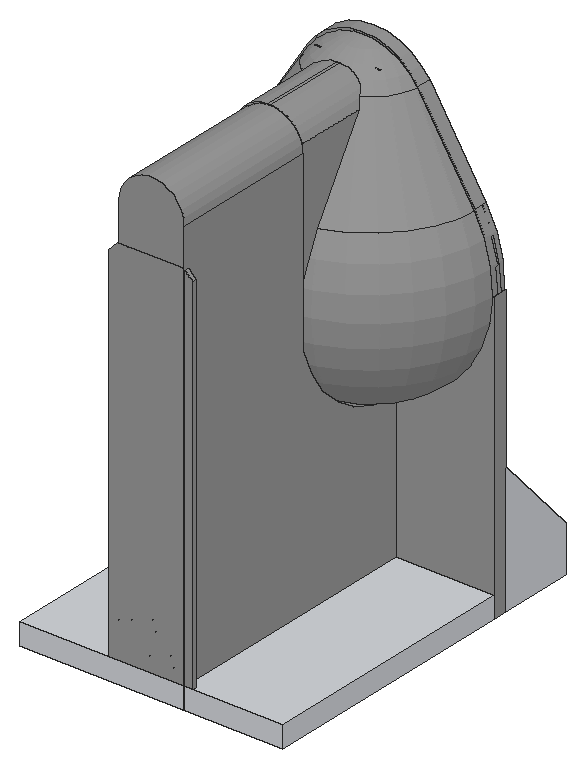
Revit family "Toilet-Willoughby-ASETW-1490-FM-FA-BS", category Plumbing Fixtures, Revit 2015
Parameters (values of type "Standard")
  Waste DIA = 2 3/8"
  Waste Connection = yes
  W-RAD [instance] = Waste DIA / 2  # 0' - 1 3/16"
  Vent Connection = no
  URL = "https://www.willoughby-ind.com"
  Type Comments = ""
  Revision = "A"
  Model = "ASETW-1490-FM-BS"
  Manufacturer = "Willoughby Industries"
  HW Connection = no
  Flush inlet DIA = 1 1/2"
  Flush Inlet Connection = yes
  Fixture Body = Stainless Steel AISI 304-Willoughby
  F-RAD [instance] = Flush inlet DIA / 2  # 0' - 0 3/4"
  Description = "Ligature resistant, Wall Outlet, Floor Mounted, Blowout Toilet, Back Spud"
  Default Elevation = 0' - 0"
  Contact Number = "(800) 428-4065"
  CW Connection = no
Reference planes (in)
  plane 1 "Base": y = -16.25
  plane 2: z = 0
  plane 3 "Center": x = 18.31072
  plane 4 "Waste height": y = -4.75
  plane 5: y = -1.25
  plane 6: z = -6.75
  plane 7: y = -2.125
  plane 8: y = -14.0625
  plane 9: y = 0.5
  plane 10: x = 16.56072
  plane 11: x = 20.06072
  plane 12: x = 11.56072
  plane 13: x = 25.06072
  plane 14: z = -3
  plane 15: z = 25
Forms (in)
  Extrusion 1, solid, material "Stainless Steel AISI 304-Willoughby" <- "Fixture Body"
    sketch origin (16.08109, 7.47968, -7.1422) x (-1, 0, 0) y (0, 0, -1)
      loop
        line (4.79427, -22.6422) -> (4.83287, -22.6422) -> (4.83287, -7.1422) -> (-9.29213, -7.1422) -> (-9.29213, -22.6422) -> (-9.19876, -22.6422)
        arc (-9.19876, -22.6422) -> (-8.97822, -24.61978) -> (-8.21015, -26.45542) r 7
        line (-8.21015, -26.45542) -> (-5.16818, -31.31054)
        arc (-5.16818, -31.31054) -> (-2.20225, -32.95225) -> (0.76368, -31.31054) r 3.5
        line (0.76368, -31.31054) -> (3.80565, -26.45542)
        arc (3.80565, -26.45542) -> (4.57373, -24.61978) -> (4.79427, -22.6422) r 7
      loop
        arc (2.03989, -24.70557) -> (-2.20225, -18.23804) -> (-6.44438, -24.70557) r 4.625
        line (-6.44438, -24.70557) -> (-4.04125, -30.23842)
        arc (-4.04125, -30.23842) -> (-2.20225, -31.45225) -> (-0.36324, -30.23842) r 2
        line (-0.36324, -30.23842) -> (2.03989, -24.70557)
    from 8.72968 to 9.5
  Revolve 2, solid, material "Stainless Steel AISI 304-Willoughby" <- "Fixture Body"
    sketch origin (19.37246, -1.52032, -3.93826) x (-1, 0, 0) y (0, 0, -1)
      loop
        line (1.06174, -12.59906) -> (1.06174, -12.84906)
        arc (1.06174, -12.84906) -> (6.96784, -16.33096) -> (6.78077, -23.18447) r 6.75
        line (6.78077, -23.18447) -> (3.81535, -27.91457)
        arc (3.81535, -27.91457) -> (2.63527, -29.03194) -> (1.06174, -29.43826) r 3.25
        line (1.06174, -29.43826) -> (1.06174, -29.68826)
        arc (1.06174, -29.68826) -> (2.75672, -29.25045) -> (4.02767, -28.04656) r 3.5
        line (4.02767, -28.04656) -> (7.06964, -23.19143)
        arc (7.06964, -23.19143) -> (7.15052, -16.14555) -> (1.06174, -12.59906) r 7
      axis (1.06174, -12.59906) -> (1.06174, -29.68826)
    angle from 0 to -180
  Extrusion 3, solid, material "Stainless Steel AISI 304-Willoughby" <- "Fixture Body"
    sketch origin (19.53334, -3.02032, -4.9508) x (0, 1, 0) y (0, 0, 1)
      loop
        line (-5.27082, 4.9508) -> (1, 4.9508) -> (1, 13.76086)
        arc (1, 13.76086) -> (-2.93256, 15.26109) -> (-5.27082, 18.76086) r 6.92744
        line (-5.27082, 18.76086) -> (-5.27082, 4.9508)
    from 0.52738 to -2.97262
  Extrusion 4, solid, material "Stainless Steel AISI 304-Willoughby" <- "Fixture Body"
    sketch origin (0, 14.59309, -3) x (1, 0, 0) y (0, 1, 0)
      loop
        circle (18.31072, -19.34309) r 1.1875
    from 5.5 to 0
  Extrusion 5, solid, material "Stainless Steel AISI 304-Willoughby" <- "Fixture Body"
    sketch origin (0, 0, 0) x (1, 0, 0) y (0, 1, 0)
      loop
        circle (18.31072, 0.5) r 0.75
    from 0 to 1
  Extrusion 6, solid, material "Stainless Steel AISI 304-Willoughby" <- "Fixture Body"
    sketch origin (0, -16.25, 0) x (1, 0, 0) y (0, 0, 1)
      loop
        line (20.06072, 0) -> (20.06072, 23.28412)
        arc (20.06072, 23.28412) -> (18.31072, 25.03412) -> (16.56072, 23.28412) r 1.75
        line (16.56072, 23.28412) -> (16.56072, 0) -> (20.06072, 0)
    from 0 to -7.95886
  Extrusion 7, solid, material "Stainless Steel AISI 304-Willoughby" <- "Fixture Body"
    sketch origin (-0.06578, -16.25, 7) x (1, 0, 0) y (0, 0, 1)
      loop
        line (20.06072, -7) -> (20.56072, -7) -> (20.56072, 13.75) -> (20.06072, 14.25) -> (16.56072, 14.25) -> (16.06072, 13.75) -> (16.06072, -7) -> (16.56072, -7) -> (20.06072, -7)
    from 0 to -0.25
  Extrusion 8, solid, material "Stainless Steel AISI 304-Willoughby" <- "Fixture Body"
    sketch origin (18.31072, 0, 0) x (0, 1, 0) y (0, 0, 1)
      loop
        line (-3.0438, 25.03193) -> (-8.29114, 25.03193) -> (-8.29114, 16.73622)
        arc (-8.29114, 16.73622) -> (-8.25839, 17.11069) -> (-8.16113, 17.47379) r 2.15729
        arc (-8.16113, 17.47379) -> (-7.78826, 18.37428) -> (-7.33828, 19.23882) r 11.16687
        arc (-7.33828, 19.23882) -> (-5.85557, 21.70663) -> (-4.28753, 24.12112) r 82.3759
        arc (-4.28753, 24.12112) -> (-3.71235, 24.64027) -> (-3.0438, 25.03193) r 3.79911
    from 1.75 to -1.75
  Extrusion 9, void
    sketch origin (0, -16.25, 0) x (1, 0, 0) y (0, 0, 1)
      loop
        arc (16.43207, 23.28193) -> (16.94463, 24.51936) -> (18.18207, 25.03193) r 1.75
        line (18.18207, 25.03193) -> (16.43207, 25.03193) -> (16.43207, 23.28193)
    from -7.95886 to -13.18331
  Extrusion 10, void
    sketch origin (0, -16.25, 0) x (1, 0, 0) y (0, 0, 1)
      loop
        arc (18.34313, 25.03193) -> (19.49966, 24.59853) -> (20.12234, 23.53193) r 1.84176
        line (20.12234, 23.53193) -> (20.12234, 25.03193) -> (18.34313, 25.03193)
    from -7.95886 to -13.18919
  Extrusion 11, solid
    sketch origin (0, 0, 0) x (1, 0, 0) y (0, 1, 0)
      loop
        line (25.37322, -2.02032) -> (11.24822, -2.02032) -> (11.24822, -16.27032) -> (25.37322, -16.27032) -> (25.37322, -2.02032)
    from 1.125 to 0
  Extrusion 12, solid
    sketch origin (18.31072, 0, 0) x (0, 1, 0) y (0, 0, 1)
      loop
        line (-1.25, 0) -> (2.75, 0) -> (2.75, 2.5) -> (-1.25, 7) -> (-1.25, 0)
    from 7.0625 to -7.0625
Cuts and joins
  joined: Extrusion 3, Extrusion 6
  Extrusion 9, Extrusion 10 cuts Extrusion 8
Lines and regions (in)
  symbolic lines
    curve 1: line (13.81072, -16.25, 0) -> (13.81072, -1.25, 0)
    curve 2: line (22.81072, -16.25, 0) -> (22.81072, -1.25, 0)
    curve 3: line (13.81072, -16.25, 0) -> (22.81072, -16.25, 0)
    curve 4: line (11.28334, -2.02032, 0) -> (11.28334, -1.25, 0)
    curve 5: line (11.28334, -1.25, 0) -> (25.28334, -1.25, 0)
    curve 6: line (25.28334, -1.25, 0) -> (25.28334, -2.02032, 0)
    curve 7: line (14.78334, -1.25, 0) -> (14.78334, 1.75, 0)
    curve 8: line (14.78334, 1.75, 0) -> (21.81072, 1.75, 0)
    curve 9: line (21.81072, 1.75, 0) -> (21.81072, -1.25, 0)
    curve 10: arc (25.28334, -2.02032, 0) -> (23.08185, -6.64916, 0) -> (18.31072, -8.52239, 0) r 6.97293
    curve 11: arc (18.31072, -8.52239, 0) -> (13.52793, -6.64299, 0) -> (11.28334, -2.02032, 0) r 7.06571
    curve 12: line (16.56072, -8.2982, 0) -> (16.56072, -16.25, 0)
    curve 13: line (20.06072, -16.25, 0) -> (20.06072, -8.30327, 0)
    curve 18: line (13.81072, -16.25, 0) -> (22.81072, -16.25, 0)
    curve 19: line (22.81072, -16.25, 0) -> (22.81072, -16.25, 1)
    curve 20: line (22.81072, -16.25, 1) -> (21.81072, -16.25, 1)
    curve 21: line (21.81072, -16.25, 0) -> (21.81072, -16.25, 9.67456)
    curve 22: line (14.78334, -16.25, 0) -> (14.78334, -16.25, 9.65867)
    curve 23: line (14.78334, -16.25, 1) -> (13.81072, -16.25, 1)
    curve 24: line (13.81072, -16.25, 1) -> (13.81072, -16.25, 0)
    curve 25: line (21.81072, -16.25, 5) -> (14.78334, -16.25, 5)
    curve 26: arc (21.81072, -16.25, 9.67456) -> (25.06245, -16.25, 13.97624) -> (24.29124, -16.25, 19.31322) r 7
    curve 27: line (24.29124, -16.25, 19.31322) -> (21.24927, -16.25, 24.16835)
    curve 28: arc (21.24927, -16.25, 24.16835) -> (19.98923, -16.25, 25.34792) -> (18.31072, -16.25, 25.75) r 3.37397
    curve 29: arc (18.31072, -16.25, 25.75) -> (16.62783, -16.25, 25.31163) -> (15.31741, -16.25, 24.16835) r 3.79331
    curve 30: line (15.31741, -16.25, 24.16835) -> (12.35249, -16.25, 19.43905)
    curve 31: arc (12.35249, -16.25, 19.43905) -> (11.49002, -16.25, 14.03241) -> (14.78334, -16.25, 9.65867) r 7
    curve 37: line (18.31072, -8.45513, 16.43593) -> (18.31072, -16.25, 16.43593)
    curve 38: line (18.31072, -16.25, 16.43593) -> (18.31072, -16.25, 0)
    curve 39: line (18.31072, -16.25, 0) -> (18.31072, 1.75, 0)
    curve 40: line (18.31072, 1.75, 0) -> (18.31072, 1.75, 5)
    curve 41: line (18.31072, 1.75, 5) -> (18.31072, -1.25, 5)
    curve 42: line (18.31072, -1.25, 5) -> (18.31072, -1.25, 25.81005)
    curve 43: line (18.31072, -1.25, 25.81005) -> (18.31072, -2.02032, 25.81005)
    curve 44: arc (18.31072, -2.02032, 25.81005) -> (18.31072, -3.17426, 25.3587) -> (18.31072, -4.14211, 24.58504) r 4.1253
    curve 45: line (18.31072, -4.14211, 24.58504) -> (18.31072, -7.52822, 19.25317)
    curve 46: arc (18.31072, -7.52822, 19.25317) -> (18.31072, -8.16721, 17.9023) -> (18.31072, -8.45513, 16.43593) r 6.04234
    curve 47: arc (18.31072, -8.45513, 16.43593) -> (18.31072, -8.2983, 15.12766) -> (18.31072, -8.29114, 13.81005) r 11.57712
    curve 48: arc (18.31072, -8.29114, 13.81005) -> (18.31072, -5.95289, 10.31029) -> (18.31072, -2.02032, 8.81005) r 6.92744
    curve 49: line (18.31072, -1.25, 9.65867) -> (18.31072, -2.02032, 9.65867)
    curve 50: line (18.31072, -2.02032, 9.65867) -> (18.31072, -2.02032, 1)
    curve 51: line (18.31072, -2.02032, 1) -> (18.31072, -16.25, 1)
  symbolic lines, detail levels medium+fine
    curve 14: line (20.06072, -16, 0) -> (20.56072, -16, 0)
    curve 15: line (20.56072, -16, 0) -> (20.56072, -16.25, 0)
    curve 16: line (16.56072, -16, 0) -> (16.06072, -16, 0)
    curve 17: line (16.06072, -16, 0) -> (16.06072, -16.25, 0)
  symbolic lines, detail levels fine
    curve 32: arc (14.0412, -16.25, 17.56337) -> (18.28334, -16.25, 11.09585) -> (22.52547, -16.25, 17.56337) r 4.625
    curve 33: line (22.52547, -16.25, 17.56337) -> (20.12234, -16.25, 23.09622)
    curve 34: arc (20.12234, -16.25, 23.09622) -> (19.38317, -16.25, 23.97635) -> (18.28334, -16.25, 24.31005) r 2.01767
    curve 35: arc (18.28334, -16.25, 24.31005) -> (17.17969, -16.25, 23.98213) -> (16.44433, -16.25, 23.09622) r 1.9827
    curve 36: line (16.44433, -16.25, 23.09622) -> (14.0412, -16.25, 17.56337)
Dimensions and locks (in)
  locked: plane 1 "Base" to plane 4 "Waste height" at 11.5
  locked: plane 1 "Base" to plane 5 at 15
  locked: plane 1 "Base" to plane 9 at 16.75
  plane 15 to level = 2' - 1"
  "W-RAD": radius of Extrusion 4 sketch curve
  "F-RAD": radius of Extrusion 5 sketch curve
  aligned and locked: plane 3 "Center" to Extrusion 4 sketch curve
  aligned and locked: plane 4 "Waste height" to Extrusion 4 sketch curve
  aligned and locked: plane 9 to Extrusion 5 sketch curve
  aligned and locked: plane 3 "Center" to Extrusion 5 sketch curve
Automatic sketch dimensions
  plane 5 to curve 5 = 0' - 0"
  plane 1 "Base" to curve 3 = 0' - 0"
  curve 16 to plane 10 = 0' - 0"
  curve 11 to plane 3 "Center" = 0' - 0"
  curve 10 to plane 3 "Center" = 0' - 0"
  curve 13 to plane 11 = 0' - 0"
  curve 16 to plane 1 "Base" = 0' - 0 1/4"
  curve 16 to plane 10 = 0' - 0 1/2"
  curve 8 to plane 10 = 0' - 1.77738"
  curve 1 to curve 17 = 0' - 2 1/4"
  plane 7 to curve 4 = 0' - 0.10468"
  curve 4 to plane 12 = 0' - 0.27738"
  plane 3 "Center" to curve 10 = 0' - 0 1/64"
  plane 3 "Center" to curve 11 = 0' - 0.01581"
  curve 14 to curve 14 = 0' - 0 1/2"
  plane 11 to curve 8 = 0' - 1 3/4"
  curve 3 to plane 13 = 0' - 2 1/4"
  curve 2 to curve 5 = 0' - 2.47262"
  curve 15 to curve 14 = 0' - 0 1/4"
  plane 7 to curve 6 = 0' - 0.10468"
  curve 8 to plane 9 = 0' - 1 1/4"
  curve 38 to plane 1 "Base" = 0' - 0"
  curve 42 to plane 5 = 0' - 0"
  curve 40 to level = 0' - 0"
  plane 1 "Base" to curve 47 = 0' - 3.6029"
  plane 4 "Waste height" to curve 37 = 0' - 3.70513"
  plane 4 "Waste height" to curve 45 = 0' - 2.77822"
  curve 45 to plane 4 "Waste height" = 0' - 0.60789"
  curve 46 to plane 7 = 0' - 0.30255"
  plane 7 to curve 50 = 0' - 0.10468"
  plane 7 to curve 43 = 0' - 0.10468"
  plane 5 to curve 48 = 0' - 0.38413"
  curve 44 to plane 5 = 0' - 0.13839"
  curve 41 to plane 9 = 0' - 1 1/4"
  level to curve 51 = 0' - 1"
  level to curve 41 = 0' - 5"
  curve 41 to curve 50 = 0' - 4.65867"
  curve 47 to plane 15 = 0' - 10.59394"
  curve 49 to curve 48 = 0' - 6.06805"
  curve 48 to curve 46 = 0' - 0.28717"
  curve 47 to curve 38 = 0' - 2.02987"
  curve 44 to plane 15 = 0' - 3.21392"
  curve 45 to plane 15 = 0' - 0.41496"
  curve 47 to curve 48 = 0' - 0.16399"
  curve 26 to curve 31 = 0' - 0"  (x2)
  curve 26 to curve 32 = 0' - 0"  (x2)
  curve 31 to curve 32 = 0' - 0"  (x2)
  curve 24 to level = 0' - 0"
  curve 28 to plane 3 "Center" = 0' - 0"
  curve 29 to plane 3 "Center" = 0' - 0"
  curve 32 to plane 3 "Center" = 0' - 0.02738"
  curve 35 to plane 3 "Center" = 0' - 0.03882"
  curve 34 to curve 35 = 0' - 0.0002"
  curve 36 to plane 10 = 0' - 0.11639"
  curve 30 to plane 10 = 0' - 1.24331"
  curve 22 to plane 10 = 0' - 1.77738"
  plane 12 to curve 36 = 0' - 2 123/256"
  curve 18 to curve 22 = 0' - 0.97262"
  plane 12 to curve 30 = 0' - 0.79177"
  plane 3 "Center" to curve 28 = 0' - 0.07942"
  plane 3 "Center" to curve 29 = 0' - 0.08929"
  plane 11 to curve 33 = 0' - 0.06162"
  curve 27 to plane 15 = 0' - 0.83165"
  plane 11 to curve 27 = 0' - 1.18855"
  plane 11 to curve 21 = 0' - 1 3/4"
  plane 11 to curve 33 = 0' - 2.46475"
  curve 20 to curve 19 = 0' - 1"
  curve 27 to plane 13 = 0' - 0.76948"
  curve 18 to curve 19 = 0' - 1"
  curve 18 to curve 24 = 0' - 1"
  curve 23 to curve 22 = 0' - 8.65867"
  curve 22 to curve 21 = 0' - 0.01589"
  curve 22 to curve 31 = 0' - 6.06218"
  curve 36 to curve 30 = 0' - 1.87568"
  curve 29 to plane 15 = 0' - 3.04226"
  curve 34 to curve 28 = 0' - 0.08455"
  curve 34 to curve 35 = 0' - 0.03496"
  curve 36 to curve 29 = 0' - 1.07212"
  curve 33 to curve 27 = 0' - 1.07212"
  curve 20 to curve 25 = 0' - 4"
  Revolve 2 sketch curve to Revolve 2 sketch curve = 0' - 0"  (x2)
  Revolve 2 sketch curve to plane 3 "Center" = 0' - 0"  (x3)
  plane 3 "Center" to Revolve 2 sketch curve = 0' - 0"
  Revolve 2 sketch curve to plane 10 = 0' - 1.00361"
  Revolve 2 sketch curve to plane 15 = 0' - 0.8917"
  Revolve 2 sketch curve to Revolve 2 sketch curve = 0' - 0.21232"
  plane 12 to Revolve 2 sketch curve = 0' - 1.03097"
  Revolve 2 sketch curve to Revolve 2 sketch curve = 0' - 0.28887"
  plane 15 to Revolve 2 sketch curve = 0' - 0 1/2"
  Revolve 2 sketch curve to Revolve 2 sketch curve = 0' - 0 1/4"
  Revolve 2 sketch curve to Revolve 2 sketch curve = 0' - 0.13199"
  Revolve 2 sketch curve to Revolve 2 sketch curve = 0' - 4.85513"
  Revolve 2 sketch curve to Revolve 2 sketch curve = 0' - 0.00696"
  Revolve 2 sketch curve to Revolve 2 sketch curve = 0' - 6.5892"
  Revolve 2 sketch curve to Revolve 2 sketch curve = 0' - 3 1/4"
  Revolve 2 sketch curve to Revolve 2 sketch curve = 0' - 2.4108"
  Extrusion 3 sketch curve to level = 0' - 0"
  plane 4 "Waste height" to Extrusion 3 sketch curve = 0' - 3.54114"
  plane 7 to Extrusion 3 sketch curve = 0' - 0.10468"
  plane 5 to Extrusion 3 sketch curve = 0' - 0.38413"
  Extrusion 3 sketch curve to Extrusion 3 sketch curve = 0' - 8.81005"
  Extrusion 3 sketch curve to Extrusion 3 sketch curve = 0' - 5"
  Extrusion 6 sketch curve to level = 0' - 0"
  Extrusion 6 sketch curve to plane 10 = 0' - 0"
  Extrusion 6 sketch curve to plane 3 "Center" = 0' - 0"
  Extrusion 6 sketch curve to plane 15 = 0' - 1.71588"
  Extrusion 7 sketch curve to level = 0' - 0"
  Extrusion 7 sketch curve to plane 10 = 0' - 0.56578"
  Extrusion 7 sketch curve to plane 10 = 0' - 0.06578"  (x2)
  Extrusion 7 sketch curve to plane 11 = 0' - 0.06578"  (x2)
  plane 11 to Extrusion 7 sketch curve = 0' - 0.43422"
  Extrusion 7 sketch curve to plane 15 = 0' - 4 1/4"  (x2)
  Extrusion 7 sketch curve to Extrusion 7 sketch curve = 0' - 0 1/2"
  plane 15 to Extrusion 8 sketch curve = 0' - 0.03193"
  plane 4 "Waste height" to Extrusion 8 sketch curve = 0' - 3.54114"
  plane 4 "Waste height" to Extrusion 8 sketch curve = 0' - 1.38385"
  Extrusion 8 sketch curve to plane 7 = 0' - 0.9188"
  plane 5 to Extrusion 8 sketch curve = 0' - 0.21771"
  Extrusion 8 sketch curve to plane 9 = 0' - 1.83279"
  Extrusion 8 sketch curve to plane 6 = 1' - 3.19552"
  Extrusion 8 sketch curve to plane 9 = 5' - 3.50343"
  Extrusion 8 sketch curve to plane 15 = 0' - 11.34412"
  Extrusion 8 sketch curve to plane 15 = 0' - 8.26378"
  Extrusion 8 sketch curve to plane 15 = 0' - 3.42484"
  Extrusion 8 sketch curve to Extrusion 8 sketch curve = 0' - 0"  (x2)
  plane 15 to Extrusion 9 sketch curve = 0' - 0.03193"
  Extrusion 9 sketch curve to plane 10 = 0' - 0.12865"
  Extrusion 9 sketch curve to plane 3 "Center" = 0' - 0.12865"
  plane 3 "Center" to Extrusion 10 sketch curve = 0' - 0.0018"
  plane 15 to Extrusion 10 sketch curve = 0' - 0.03193"
  plane 11 to Extrusion 10 sketch curve = 0' - 0.06162"
  plane 3 "Center" to Extrusion 10 sketch curve = 0' - 0.03241"
  Extrusion 10 sketch curve to plane 15 = 0' - 1.46807"
  Extrusion 1 sketch curve to Extrusion 1 sketch curve = 0' - 0"  (x6)
  Extrusion 1 sketch curve to level = 0' - 0"
  plane 13 to Extrusion 1 sketch curve = 0' - 0 5/16"
  Extrusion 1 sketch curve to Extrusion 1 sketch curve = 0' - 0.09337"
  Extrusion 1 sketch curve to plane 13 = 0' - 0.76948"
  plane 11 to Extrusion 1 sketch curve = 0' - 2.46475"
  plane 11 to Extrusion 1 sketch curve = 0' - 1.18855"
  plane 11 to Extrusion 1 sketch curve = 0' - 0.06162"
  Extrusion 1 sketch curve to plane 3 "Center" = 0' - 0.02738"  (x2)
  Extrusion 1 sketch curve to plane 10 = 0' - 0.11639"
  Extrusion 1 sketch curve to plane 15 = 0' - 0.83165"
  Extrusion 1 sketch curve to plane 10 = 0' - 1.24331"
  plane 12 to Extrusion 1 sketch curve = 0' - 2 123/256"
  plane 12 to Extrusion 1 sketch curve = 0' - 0.71472"
  Extrusion 1 sketch curve to plane 12 = 0' - 0 5/16"
  Extrusion 1 sketch curve to Extrusion 1 sketch curve = 0' - 1.07212"
  Extrusion 1 sketch curve to Extrusion 1 sketch curve = 0' - 0.78617"
  Extrusion 1 sketch curve to Extrusion 1 sketch curve = 0' - 3.783"
  Extrusion 1 sketch curve to Extrusion 1 sketch curve = 0' - 1.74985"
  Extrusion 1 sketch curve to Extrusion 1 sketch curve = 0' - 1.84253"
  Extrusion 1 sketch curve to Extrusion 1 sketch curve = 0' - 2.06337"
  Extrusion 1 sketch curve to Extrusion 1 sketch curve = 0' - 0.0386"
  plane 7 to Extrusion 11 sketch curve = 0' - 0.10468"
  Extrusion 11 sketch curve to plane 12 = 0' - 0 5/16"
  plane 1 "Base" to Extrusion 11 sketch curve = 0' - 0.02032"
  plane 13 to Extrusion 11 sketch curve = 0' - 0 5/16"
  Extrusion 12 sketch curve to plane 5 = 0' - 0"
  Extrusion 12 sketch curve to level = 0' - 0"
  Extrusion 12 sketch curve to plane 9 = 0' - 2 1/4"
  level to Extrusion 12 sketch curve = 0' - 2 1/2"
  Extrusion 12 sketch curve to Extrusion 12 sketch curve = 0' - 4 1/2"
Connectors (in)
  piping at (18.31072, -4.75, -3), diameter 2.375, driven by "W-RAD", driven by "Waste Connection"
    settings: on Extrusion 4, index 1, connector inside diameter 2 1/2", connector length 0' - 0", flow factor 0, pipe flow 0 GPM, pressure drop 0.00 psi, fitting loss kfactor 0, connector angle 0.00°, fixture units 0, engagement length 0' - 0", angle of deflection 0.00°, flow configuration 0, flow direction 2, fitting loss method 0, system type 16, joint type 0, gender type 0, connector reference index -1, connector utility 1, adjustable connector yes, is connector primary yes, connector description "Toilet Waste"
  piping at (18.31072, 0.5, 1), diameter 1.5, driven by "F-RAD", driven by "Flush Inlet Connection"
    settings: on Extrusion 5, index 2, connector inside diameter 1 1/2", connector length 0' - 0", flow factor 0, pipe flow 0 GPM, pressure drop 0.00 psi, fitting loss kfactor 0, connector angle 0.00°, fixture units 0, engagement length 0' - 0", angle of deflection 0.00°, flow configuration 0, flow direction 1, fitting loss method 0, system type 20, joint type 0, gender type 0, connector reference index -1, connector utility 1, adjustable connector no, is connector primary no, connector description "Flush Inlet"
